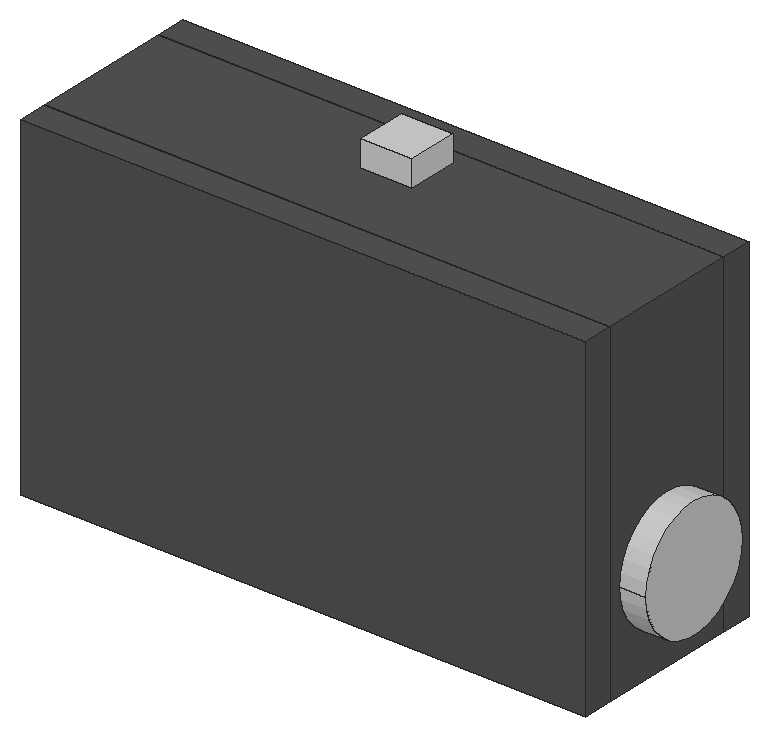
Revit family "Block 600 (10.24)", category Оборудование, Revit 2019
Family settings
  Размер круглого соединителя = Использовать диаметр
  Классификация = Нет
  Тип детали = Нормальный
  На основе рабочей плоскости = Нет
  Всегда вертикально = Да
  При загрузке вырезать с полостями = Нет
  Общий = Нет
  Точка расчета площади = Нет
Parameters (values of type "Block 600")
  СЗ Справа [instance] = no
  СЗ Слева [instance] = no
  Ф СЗ = 350 mm  # constant formula
  Материал патрубков = Материал Па
  Материал креплений = Материал Кр
  Материал корпуса = Материал ПУ
  Материал СЗ = Материал СЗ
  Материал КА = Материал КА
  Крепежи [instance] = no
  СЗ КА [instance] = no
  КА отступ 2 = 80 mm  # constant formula
  КА Ширина = 85 mm  # constant formula
  КА Отступ = 50 mm  # constant formula
  КА Высота = 43 mm  # constant formula
  КА [instance] = yes
  П Длина = 45 mm  # constant formula
  КА Длина = 85 mm  # constant formula
  К Стенка Толщина = 50.5 mm  # constant formula
  К Глубина = 339 mm  # constant formula
  П Отступ снизу = 163 mm  # constant formula
  П Диаметр = 200 mm  # constant formula
  К Высота = 560 mm  # constant formula
  ADSK_Ток = ADSK_Номинальная мощность / ADSK_Напряжение  # 1.45455 A
  ADSK_Свободный напор воздуха = 50.0 Pa  # constant formula
  ADSK_Расход воздуха приточный = 600.0 m³/h  # constant formula
  ADSK_Примечание = ""
  ADSK_Номинальная мощность = 320 W
  ADSK_Напряжение = 220 V
  ADSK_Наименование краткое [instance] = "Канальный очиститель с высокой фильтрацией воздуха"  # constant formula
  ADSK_Наименование = "Канальный очиститель с высокой фильтрацией воздуха"  # constant formula
  ADSK_Марка = "Block 600"  # constant formula
  ADSK_Количество фаз = 1
  ADSK_Количество = 1
  ADSK_Код изделия = ""
  ADSK_Завод-изготовитель = "ООО «Турков»"  # constant formula
  ADSK_Единица измерения = "шт."  # constant formula
  К Длина = 942 mm  # constant formula
Reference planes
  plane 1 "По центру (Вперед/Назад)": y = 0
  plane 2: z = 0
  plane 3 "По центру (Влево/Вправо)": x = 0
  plane 4: y = 169.5
  plane 5: x = 471
  plane 6: x = -471
  plane 7: y = -169.5
  plane 8: y = 119
  plane 9: y = -119
  plane 10: z = 560
  plane 11: y = 519.5
  plane 12: y = -519.5
  plane 13: z = 510
  plane 14: y = 89.5
Forms (mm)
  Extrusion 1, solid, material "Материал ПУ" <- "Материал корпуса"
    sketch origin (0, 0, 0) x (1, 0, 0) y (0, 1, 0)
      loop
        line (-471, 119) -> (-471, -119) -> (471, -119) -> (471, 119) -> (-471, 119)
    from 0 to 560
  Extrusion 2, solid, material "Материал ПУ" <- "Материал корпуса"
    sketch origin (0, 0, 0) x (1, 0, 0) y (0, 1, 0)
      loop
        line (-471, 169.5) -> (-471, 119) -> (471, 119) -> (471, 169.5) -> (-471, 169.5)
      loop
        line (-471, -119) -> (-471, -169.5) -> (471, -169.5) -> (471, -119) -> (-471, -119)
    from 0 to 560
  Extrusion 3, solid, material "Материал СЗ" <- "Материал СЗ", visible <- "СЗ Слева", detail levels fine
    sketch origin (-708.552, -1524, 560) x (-1, 0, 0) y (0, -1, 0)
      loop
        line (-237.552, -2043.5) -> (-237.552, -1693.5) -> (-1179.552, -1693.5) -> (-1179.552, -2043.5) -> (-237.552, -2043.5)
    from 0 to -560
  Extrusion 4, solid, material "Материал СЗ" <- "Материал СЗ", visible <- "СЗ Справа", detail levels fine
    sketch origin (0, 0, 0) x (1, 0, 0) y (0, 1, 0)
      loop
        line (-471, -169.5) -> (-471, -519.5) -> (471, -519.5) -> (471, -169.5) -> (-471, -169.5)
    from 0 to 560
Dimensions and locks
  equal spacing: plane 6, plane 3 "По центру (Влево/Вправо)", plane 5
  equal spacing: plane 4, plane 1 "По центру (Вперед/Назад)", plane 7
  "К Длина": plane 6 to plane 5
  "К Глубина": plane 4 to plane 7
  "К Стенка Толщина": plane 4 to plane 8
  "К Стенка Толщина": plane 9 to plane 7
  "К Высота": plane 10 to plane 2
  "Ф СЗ": plane 11 to plane 4
  "Ф СЗ": plane 7 to plane 12
  equal spacing: plane 5, plane 3 "По центру (Влево/Вправо)", plane 6
  "КА Отступ": plane 10 to plane 13
  "КА отступ 2": plane 4 to plane 14
  aligned and locked: level to plane 2
  aligned and locked: Extrusion 1 sketch curve to plane 8
  aligned and locked: plane 6 to Extrusion 1 sketch curve
  aligned and locked: plane 9 to Extrusion 1 sketch curve
  aligned and locked: Extrusion 1 sketch curve to plane 5
  aligned and locked: plane 10 to Extrusion 1
  aligned and locked: plane 6 to Extrusion 2 sketch curve  (x2)
  aligned and locked: plane 8 to Extrusion 2 sketch curve
  aligned and locked: Extrusion 2 sketch curve to plane 5  (x2)
  aligned and locked: Extrusion 2 sketch curve to plane 4
  aligned and locked: Extrusion 2 sketch curve to plane 9
  aligned and locked: plane 7 to Extrusion 2 sketch curve
  aligned and locked: plane 10 to Extrusion 2
  aligned and locked: Extrusion 2 to plane 2
  aligned and locked: Extrusion 3 sketch curve to plane 11
  aligned and locked: plane 6 to Extrusion 3 sketch curve
  aligned and locked: plane 4 to Extrusion 3 sketch curve
  aligned and locked: Extrusion 3 sketch curve to plane 5
  aligned and locked: Extrusion 3 to plane 10  (x3)
  aligned and locked: Extrusion 3 to plane 2
  aligned and locked: plane 2 to Extrusion 3  (x2)
  aligned and locked: Extrusion 3 to plane 4
  aligned and locked: plane 4 to Extrusion 2
  aligned and locked: plane 11 to Extrusion 3
  aligned and locked: plane 12 to Extrusion 4 sketch curve
  aligned and locked: Extrusion 4 sketch curve to plane 5
  aligned and locked: plane 6 to Extrusion 4 sketch curve
  aligned and locked: Extrusion 4 sketch curve to plane 7
  aligned and locked: plane 10 to Extrusion 4
  aligned and locked: plane 5 to nested 1
  aligned and locked: plane 1 "По центру (Вперед/Назад)" to nested 1
  aligned and locked: plane 2 to nested 1
  aligned and locked: plane 1 "По центру (Вперед/Назад)" to nested 2
  aligned and locked: plane 3 "По центру (Влево/Вправо)" to nested 2
  aligned and locked: nested 2 to plane 2
  aligned and locked: nested 3 to plane 10
  aligned and locked: plane 3 "По центру (Влево/Вправо)" to nested 3
  aligned and locked: nested 3 to plane 14
Nested families
  nested 1: "ПатКр" at (0, 0, 163), L <- "К Длина", A <- "П Длина", D <- "П Диаметр", Отст снизу <- "П Отступ снизу", type "ПатКр"
    with Отст снизу 163 mm, L 942 mm, D 200 mm, A 45 mm
  nested 2: "Крепежи" at (0, 0, 0), Высота <- "К Высота", Глубина <- "К Глубина", Длина <- "К Длина", Стенка <- "К Стенка Толщина", visible <- "Крепежи", type "Крепежи"
    with Шп слева-справа yes, Шп сверху-снизу no, Стенка 50.5 mm, Петли no, Отступ з 50 mm, Отст пет 229.784 mm, Опоры no, Опора no, З справа yes, З слева-справа no, З сверху-снизу yes, З посередине no, Длина СЗ 190 mm, Длина 942 mm, Глубина 339 mm, Высота 560 mm
  nested 3: "КА" at (0, 47, 562), Видимость СЗ КА <- "СЗ КА", Видимость КА <- "КА", Длина <- "КА Длина", Ширина <- "КА Ширина", Высота <- "КА Высота", type "КА", detail levels medium+fine
    with Ширина 85 mm, Материал СЗ Материал СЗ, Материал КА Материал КА, Длина 85 mm, Высота 43 mm, Видимость СЗ КА no, Видимость КА yes
Connectors
  hvac at (-516, 0, 163), driven by "П Диаметр"
    settings: on nested 1, index 1, duct flow 0.0 m³/h, flow factor 0, pres drop 0.0 Pa, loss coef 0, conn angle 0.00°, conn width 304.8 mm, conn height 304.8 mm, conn diameter 200 mm, duct sys type 1, conn prof type 0, flow config 0, flow direction 2, loss method 0, conn ref index 2, conn util no, is conn primary yes, conn desc ""
  hvac at (516, 0, 163), driven by "П Диаметр"
    settings: on nested 1, index 2, duct flow 0.0 m³/h, flow factor 0, pres drop 0.0 Pa, loss coef 0, conn angle 0.00°, conn width 304.8 mm, conn height 304.8 mm, conn diameter 200 mm, duct sys type 1, conn prof type 0, flow config 0, flow direction 1, loss method 0, conn ref index 1, conn util no, is conn primary no, conn desc ""
Definition of nested family "ПатКр"
  Parameters (values of type "ПатКр")
    П материал = none
    Отст снизу [instance] = 304.8 mm
    D [instance] = 125 mm
    L [instance] = 500 mm
    A [instance] = 40 mm
  Reference planes
    plane 1 "По центру (Вперед/Назад)": y = 0
    plane 2: z = 0
    plane 3 "По центру (Влево/Вправо)": x = 0
    plane 4: x = -250
    plane 5: x = 250
    plane 6: x = -290
    plane 7: x = 290
    plane 8: z = -304.8
  Forms (mm)
    Extrusion 1, solid, material <- "П материал"
      sketch origin (-250, 395.392, 1200) x (0, 1, 0) y (0, 0, 1)
        loop
          circle (-395.392, -1200) r 62.5
      from -40 to 0
    Extrusion 2, solid, material <- "П материал"
      sketch origin (250, 395.392, 1200) x (0, 1, 0) y (0, 0, 1)
        loop
          circle (-395.392, -1200) r 62.5
      from 0 to 40
  Dimensions and locks
    equal spacing: plane 4, plane 3 "По центру (Влево/Вправо)", plane 5
    "L": plane 4 to plane 5
    "A": plane 6 to plane 4
    equal spacing: plane 6, plane 3 "По центру (Влево/Вправо)", plane 7
    "Отст снизу": plane 2 to plane 8
    "D": diameter of Extrusion 1 sketch curve
    "D": diameter of Extrusion 2 sketch curve
    aligned and locked: level to plane 2
    aligned and locked: plane 1 "По центру (Вперед/Назад)" to Extrusion 1 sketch curve
    aligned and locked: level to Extrusion 1 sketch curve
    aligned and locked: Extrusion 1 to plane 6
    aligned and locked: plane 4 to Extrusion 1
    aligned and locked: plane 1 "По центру (Вперед/Назад)" to Extrusion 2 sketch curve
    aligned and locked: plane 2 to Extrusion 2 sketch curve
    aligned and locked: Extrusion 2 to plane 5
    aligned and locked: plane 7 to Extrusion 2
Definition of nested family "Крепежи"
  Parameters (values of type "Крепежи")
    Шп сверху-снизу [instance] = no
    Шп слева-справа [instance] = yes
    Стенка [instance] = 30 mm
    Петли [instance] = no
    Отст пет [instance] = 229.784 mm
    Опоры [instance] = no
    Опора [instance] = no
    Материал = none
    З справа [instance] = if(and([З сверху-снизу], not(З посередине)), 1 = 1, 1 = 0)  # yes
    З слева-справа [instance] = no
    З сверху-снизу [instance] = yes
    З посередине [instance] = no
    Длина СЗ [instance] = 190 mm
    Длина [instance] = 536.692 mm
    Глубина [instance] = 480 mm
    Высота [instance] = 619.568 mm
    Отступ з [instance] = 30 mm
  Reference planes
    plane 1 "По центру (Вперед/Назад)": y = 0
    plane 2: z = 0
    plane 3 "По центру (Влево/Вправо)": x = 0
    plane 4: y = 240
    plane 5: y = -240
    plane 6: x = 268.346
    plane 7: x = -268.346
    plane 8: y = 225
    plane 9: y = -225
    plane 10: x = 238.346
    plane 11: x = -238.346
    plane 12: z = 619.568
    plane 13: z = 589.568
    plane 14: z = 30
    plane 15: z = 309.784
    plane 16: z = 389.784
    plane 17: z = 229.784
    plane 18: x = -78.346
    plane 19: x = -108.346
  Dimensions and locks
    equal spacing: plane 7, plane 3 "По центру (Влево/Вправо)", plane 6
    equal spacing: plane 4, plane 1 "По центру (Вперед/Назад)", plane 5
    locked: plane 4 to plane 8 at 15
    "Отступ з": plane 7 to plane 11
    equal spacing: plane 8, plane 1 "По центру (Вперед/Назад)", plane 9
    "Длина": plane 7 to plane 6
    "Глубина": plane 4 to plane 5
    equal spacing: plane 11, plane 3 "По центру (Влево/Вправо)", plane 10
    equal spacing: plane 12, plane 15, plane 2
    "Высота": plane 12 to plane 2
    equal spacing: plane 13, plane 15, plane 14
    "Отступ з": plane 12 to plane 13
    "Стенка": nested 29 to plane 5
    "Стенка": plane 4 to nested 30
    equal spacing: plane 16, plane 15, plane 17
    "Отст пет": plane 12 to plane 16
    "Отступ з": plane 19 to plane 18
    "Длина СЗ": plane 7 to plane 18
    aligned and locked: level to plane 2
    aligned and locked: plane 8 to nested 1  (x3)
    aligned and locked: plane 11 to nested 1
    aligned and locked: plane 8 to nested 2  (x3)
    aligned and locked: plane 10 to nested 2
    aligned and locked: plane 9 to nested 3  (x2)
    aligned and locked: plane 9 to nested 4  (x2)
    aligned and locked: nested 3 to plane 11
    aligned and locked: nested 4 to plane 10
    aligned and locked: nested 3 to plane 2
    aligned and locked: plane 2 to nested 1
    aligned and locked: nested 4 to plane 2
    aligned and locked: plane 2 to nested 2
    aligned and locked: nested 7 to plane 12
    aligned and locked: plane 12 to nested 5  (x2)
    aligned and locked: plane 12 to nested 7
    aligned and locked: nested 8 to plane 12
    aligned and locked: plane 12 to nested 6
    aligned and locked: plane 12 to nested 8
    aligned and locked: plane 14 to nested 9
    aligned and locked: plane 8 to nested 10  (x3)
    aligned and locked: plane 8 to nested 9  (x3)
    aligned and locked: plane 13 to nested 10
    aligned and locked: plane 9 to nested 12  (x2)
    aligned and locked: plane 9 to nested 11  (x2)
    aligned and locked: nested 11 to plane 14
    aligned and locked: nested 12 to plane 13
    aligned and locked: nested 12 to plane 7  (x2)
    aligned and locked: plane 7 to nested 10
    aligned and locked: nested 11 to plane 7  (x2)
    aligned and locked: plane 7 to nested 9
    aligned and locked: nested 16 to plane 6
    aligned and locked: plane 6 to nested 14
    aligned and locked: plane 6 to nested 16
    aligned and locked: nested 15 to plane 6
    aligned and locked: plane 6 to nested 13  (x2)
    aligned and locked: plane 6 to nested 15
    aligned and locked: nested 5 to plane 11
    aligned and locked: plane 11 to nested 7
    aligned and locked: nested 6 to plane 10
    aligned and locked: plane 10 to nested 8
    aligned and locked: nested 16 to plane 9  (x3)
    aligned and locked: nested 15 to plane 9  (x3)
    aligned and locked: nested 8 to plane 9  (x3)
    aligned and locked: nested 4 to plane 9
    aligned and locked: nested 7 to plane 9  (x3)
    aligned and locked: nested 3 to plane 9
    aligned and locked: nested 12 to plane 9
    aligned and locked: nested 14 to plane 8  (x2)
    aligned and locked: nested 13 to plane 8  (x2)
    aligned and locked: plane 8 to nested 14
    aligned and locked: nested 6 to plane 8  (x2)
    aligned and locked: plane 8 to nested 6
    aligned and locked: nested 5 to plane 8  (x2)
    aligned and locked: plane 8 to nested 5
    aligned and locked: plane 8 to nested 13
    aligned and locked: nested 11 to plane 9
    aligned and locked: nested 14 to plane 13
    aligned and locked: plane 13 to nested 16
    aligned and locked: plane 14 to nested 15
    aligned and locked: nested 13 to plane 14
    aligned and locked: plane 1 "По центру (Вперед/Назад)" to nested 17
    aligned and locked: plane 6 to nested 17  (x3)
    aligned and locked: plane 1 "По центру (Вперед/Назад)" to nested 18
    aligned and locked: nested 18 to plane 12  (x3)
    aligned and locked: nested 17 to plane 12  (x3)
    aligned and locked: plane 7 to nested 18
    aligned and locked: nested 20 to plane 7  (x2)
    aligned and locked: nested 19 to plane 6  (x2)
    aligned and locked: nested 20 to plane 2  (x3)
    aligned and locked: nested 19 to plane 2  (x3)
    aligned and locked: plane 12 to nested 21
    aligned and locked: nested 23 to plane 12
    aligned and locked: plane 12 to nested 17
    aligned and locked: plane 12 to nested 18
    aligned and locked: plane 2 to nested 22
    aligned and locked: nested 22 to plane 2  (x2)
    aligned and locked: plane 2 to nested 20
    aligned and locked: plane 2 to nested 19
    aligned and locked: nested 24 to plane 2  (x2)
    aligned and locked: plane 2 to nested 24
    aligned and locked: plane 6 to nested 19
    aligned and locked: plane 6 to nested 24  (x3)
    aligned and locked: nested 24 to plane 6
    aligned and locked: plane 6 to nested 23  (x3)
    aligned and locked: nested 23 to plane 6
    aligned and locked: nested 18 to plane 7  (x2)
    aligned and locked: plane 7 to nested 21  (x3)
    aligned and locked: nested 21 to plane 7
    aligned and locked: plane 7 to nested 22  (x3)
    aligned and locked: nested 22 to plane 7
    aligned and locked: plane 7 to nested 20
    aligned and locked: nested 20 to plane 1 "По центру (Вперед/Назад)"
    aligned and locked: plane 1 "По центру (Вперед/Назад)" to nested 21
    aligned and locked: plane 1 "По центру (Вперед/Назад)" to nested 22
    aligned and locked: nested 19 to plane 1 "По центру (Вперед/Назад)"
    aligned and locked: nested 23 to plane 1 "По центру (Вперед/Назад)"
    aligned and locked: nested 24 to plane 1 "По центру (Вперед/Назад)"
    aligned and locked: nested 25 to plane 7
    aligned and locked: plane 6 to nested 26
    aligned and locked: nested 25 to plane 12
    aligned and locked: nested 26 to plane 12
    aligned and locked: nested 27 to plane 2
    aligned and locked: nested 28 to plane 2
    aligned and locked: nested 28 to plane 6
    aligned and locked: plane 7 to nested 27
    aligned and locked: plane 1 "По центру (Вперед/Назад)" to nested 25
    aligned and locked: nested 27 to plane 1 "По центру (Вперед/Назад)"
    aligned and locked: plane 1 "По центру (Вперед/Назад)" to nested 26
    aligned and locked: nested 28 to plane 1 "По центру (Вперед/Назад)"
    aligned and locked: nested 29 to plane 2  (x2)
    aligned and locked: nested 30 to plane 2  (x2)
    aligned and locked: plane 2 to nested 29  (x2)
    aligned and locked: plane 2 to nested 30  (x2)
    aligned and locked: nested 29 to plane 3 "По центру (Влево/Вправо)"
    aligned and locked: nested 30 to plane 3 "По центру (Влево/Вправо)"
    aligned and locked: plane 7 to nested 31
    aligned and locked: plane 7 to nested 32
    aligned and locked: plane 7 to nested 33
    aligned and locked: plane 7 to nested 34
    aligned and locked: plane 6 to nested 35
    aligned and locked: plane 6 to nested 36
    aligned and locked: plane 6 to nested 37
    aligned and locked: plane 6 to nested 38
    aligned and locked: plane 17 to nested 33
    aligned and locked: plane 17 to nested 34
    aligned and locked: nested 37 to plane 17
    aligned and locked: nested 38 to plane 17
    aligned and locked: plane 16 to nested 35
    aligned and locked: plane 16 to nested 36
    aligned and locked: nested 31 to plane 16
    aligned and locked: nested 32 to plane 16
    aligned and locked: nested 31 to plane 5
    aligned and locked: plane 5 to nested 35
    aligned and locked: nested 33 to plane 5
    aligned and locked: plane 5 to nested 37
    aligned and locked: plane 4 to nested 32
    aligned and locked: nested 36 to plane 4
    aligned and locked: plane 4 to nested 34
    aligned and locked: nested 38 to plane 4
    aligned and locked: nested 39 to plane 8  (x2)
    aligned and locked: plane 8 to nested 39
    aligned and locked: nested 40 to plane 9  (x3)
    aligned and locked: nested 39 to plane 19
    aligned and locked: plane 19 to nested 40
    aligned and locked: plane 8 to nested 41  (x3)
    aligned and locked: plane 9 to nested 42  (x2)
    aligned and locked: nested 42 to plane 9
    aligned and locked: nested 42 to plane 19
    aligned and locked: plane 19 to nested 41
    aligned and locked: nested 42 to plane 2  (x2)
    aligned and locked: plane 2 to nested 41
    aligned and locked: nested 40 to plane 12
    aligned and locked: plane 12 to nested 39
    aligned and locked: plane 12 to nested 40
  Nested families
    nested 1: "Защелки" at (-238.346, 125, -18.5), visible <- "З сверху-снизу", type "Защелки"
      with L 100 mm
    nested 2: "Защелки" at (238.346, 125, -18.5), visible <- "З справа", type "Защелки"
      with L 100 mm
    nested 3: "Защелки" at (-238.346, -125, -18.5), visible <- "З сверху-снизу", type "Защелки"
      with L 100 mm
    nested 4: "Защелки" at (238.346, -125, -18.5), visible <- "З справа", type "Защелки"
      with L 100 mm
    nested 5: "Защелки" at (-238.346, 125, 638.068) x (1, 0, 0) z (0, 0, -1), visible <- "З сверху-снизу", type "Защелки"
      with L 100 mm
    nested 6: "Защелки" at (238.346, 125, 638.068) x (1, 0, 0) z (0, 0, -1), visible <- "З справа", type "Защелки"
      with L 100 mm
    nested 7: "Защелки" at (-238.346, -125, 638.068) x (1, 0, 0) z (0, 0, -1), visible <- "З сверху-снизу", type "Защелки"
      with L 100 mm
    nested 8: "Защелки" at (238.346, -125, 638.068) x (1, 0, 0) z (0, 0, -1), visible <- "З справа", type "Защелки"
      with L 100 mm
    nested 9: "Защелки" at (-268.346, 125, 30) x (0, 0, 1) z (-1, 0, 0), visible <- "З слева-справа", type "Защелки"
      with L 100 mm
    nested 10: "Защелки" at (-268.346, 125, 589.568) x (0, 0, 1) z (-1, 0, 0), visible <- "З слева-справа", type "Защелки"
      with L 100 mm
    nested 11: "Защелки" at (-268.346, -125, 30) x (0, 0, 1) z (-1, 0, 0), visible <- "З слева-справа", type "Защелки"
      with L 100 mm
    nested 12: "Защелки" at (-268.346, -125, 589.568) x (0, 0, 1) z (-1, 0, 0), visible <- "З слева-справа", type "Защелки"
      with L 100 mm
    nested 13: "Защелки" at (268.346, 125, 30) x (0, 0, 1) z (1, 0, 0), visible <- "З слева-справа", type "Защелки"
      with L 100 mm
    nested 14: "Защелки" at (268.346, 125, 589.568) x (0, 0, 1) z (1, 0, 0), visible <- "З слева-справа", type "Защелки"
      with L 100 mm
    nested 15: "Защелки" at (268.346, -125, 30) x (0, 0, 1) z (1, 0, 0), visible <- "З слева-справа", type "Защелки"
      with L 100 mm
    nested 16: "Защелки" at (268.346, -125, 589.568) x (0, 0, 1) z (1, 0, 0), visible <- "З слева-справа", type "Защелки"
      with L 100 mm
    nested 17: "Крепеж" at (248.346, 0, 619.568), visible <- "Шп сверху-снизу", type "Крепеж"
      with A 40 mm
    nested 18: "Крепеж" at (-248.346, 0, 619.568), visible <- "Шп сверху-снизу", type "Крепеж"
      with A 40 mm
    nested 19: "Крепеж" at (248.346, 0, 0) x (1, 0, 0) z (0, 0, -1), visible <- "Шп сверху-снизу", type "Крепеж"
      with A 40 mm
    nested 20: "Крепеж" at (-248.346, 0, 0) x (1, 0, 0) z (0, 0, -1), visible <- "Шп сверху-снизу", type "Крепеж"
      with A 40 mm
    nested 21: "Крепеж" at (-268.346, 0, 599.568) x (0, 0, 1) z (-1, 0, 0), visible <- "Шп слева-справа", type "Крепеж"
      with A 40 mm
    nested 22: "Крепеж" at (-268.346, 0, 20) x (0, 0, 1) z (-1, 0, 0), visible <- "Шп слева-справа", type "Крепеж"
      with A 40 mm
    nested 23: "Крепеж" at (268.346, 0, 599.568) x (0, 0, 1) z (1, 0, 0), visible <- "Шп слева-справа", type "Крепеж"
      with A 40 mm
    nested 24: "Крепеж" at (268.346, 0, 20) x (0, 0, 1) z (1, 0, 0), visible <- "Шп слева-справа", type "Крепеж"
      with A 40 mm
    nested 25: "Опора" at (-205.846, 0, 619.568), L <- "Глубина", Ot <- "Стенка", visible <- "Опоры", type "Опора"
      with Ot 30 mm, L 480 mm, A 40 mm
    nested 26: "Опора" at (205.846, 0, 619.568), L <- "Глубина", Ot <- "Стенка", visible <- "Опоры", type "Опора"
      with Ot 30 mm, L 480 mm, A 40 mm
    nested 27: "Опора" at (-205.846, 0, 0) x (1, 0, 0) z (0, 0, -1), L <- "Глубина", Ot <- "Стенка", visible <- "Опоры", type "Опора"
      with Ot 30 mm, L 480 mm, A 40 mm
    nested 28: "Опора" at (205.846, 0, 0) x (1, 0, 0) z (0, 0, -1), L <- "Глубина", Ot <- "Стенка", visible <- "Опоры", type "Опора"
      with Ot 30 mm, L 480 mm, A 40 mm
    nested 29: "Опора" at (0, -147.5, 0) x (0, 1, 0) z (0, 0, -1), L <- "Длина", visible <- "Опора", type "Опора"
      with Ot 10 mm, L 536.692 mm, A 40 mm
    nested 30: "Опора" at (0, 147.5, 0) x (0, 1, 0) z (0, 0, -1), L <- "Длина", visible <- "Опора", type "Опора"
      with Ot 10 mm, L 536.692 mm, A 40 mm
    nested 31: "Петля" at (-268.346, -195, 389.784) x (0, 1, 0) z (-1, 0, 0), visible <- "Петли", type "Петля"
    nested 32: "Петля" at (-268.346, 195, 389.784) x (0, 1, 0) z (-1, 0, 0), visible <- "Петли", type "Петля"
    nested 33: "Петля" at (-268.346, -195, 229.784) x (0, 1, 0) z (-1, 0, 0), visible <- "Петли", type "Петля"
    nested 34: "Петля" at (-268.346, 195, 229.784) x (0, 1, 0) z (-1, 0, 0), visible <- "Петли", type "Петля"
    nested 35: "Петля" at (268.346, -195, 389.784) x (0, 1, 0) z (1, 0, 0), visible <- "Петли", type "Петля"
    nested 36: "Петля" at (268.346, 195, 389.784) x (0, 1, 0) z (1, 0, 0), visible <- "Петли", type "Петля"
    nested 37: "Петля" at (268.346, -195, 229.784) x (0, 1, 0) z (1, 0, 0), visible <- "Петли", type "Петля"
    nested 38: "Петля" at (268.346, 195, 229.784) x (0, 1, 0) z (1, 0, 0), visible <- "Петли", type "Петля"
    nested 39: "Защелки" at (-108.346, 125, 638.068) x (1, 0, 0) z (0, 0, -1), visible <- "З посередине", type "Защелки"
      with L 100 mm
    nested 40: "Защелки" at (-108.346, -125, 638.068) x (1, 0, 0) z (0, 0, -1), visible <- "З посередине", type "Защелки"
      with L 100 mm
    nested 41: "Защелки" at (-108.346, 125, -18.5), visible <- "З посередине", type "Защелки"
      with L 100 mm
    nested 42: "Защелки" at (-108.346, -125, -18.5), visible <- "З посередине", type "Защелки"
      with L 100 mm
  Definition of nested family "Защелки"
    Parameters (values of type "Защелки")
      Материал п = none
      c = 30 mm  # constant formula
      b = 30 mm  # constant formula
      a = 15 mm  # constant formula
      L [instance] = 100 mm  # constant formula
    Reference planes
      plane 1 "По центру (Вперед/Назад)": y = 0
      plane 2: z = 0
      plane 3 "По центру (Влево/Вправо)": x = 0
      plane 4: y = 100
      plane 5: x = 7.5
      plane 6: x = -7.5
      plane 7: y = 70
    Forms (mm)
      Extrusion 1, solid, material <- "Материал п"
        sketch origin (120.578, -42.722, 0) x (1, 0, 0) y (0, 1, 0)
          loop
            line (-128.078, 112.722) -> (-128.078, 42.722) -> (-113.078, 42.722) -> (-113.078, 112.722) -> (-105.578, 142.722) -> (-135.578, 142.722) -> (-128.078, 112.722)
        from 0 to 18.5
    Dimensions and locks
      "L": plane 4 to plane 1 "По центру (Вперед/Назад)"
      equal spacing: plane 6, plane 3 "По центру (Влево/Вправо)", plane 5
      "a": plane 6 to plane 5
      "b": plane 4 to plane 7
      equal spacing: Extrusion 1 sketch curve, plane 3 "По центру (Влево/Вправо)", Extrusion 1 sketch curve
      "c": Extrusion 1 sketch curve to Extrusion 1 sketch curve
      aligned and locked: level to plane 2
      aligned and locked: Extrusion 1 sketch curve to plane 6
      aligned and locked: plane 5 to Extrusion 1 sketch curve
      aligned and locked: plane 1 "По центру (Вперед/Назад)" to Extrusion 1 sketch curve
      aligned and locked: plane 7 to Extrusion 1 sketch curve  (x2)
      aligned and locked: Extrusion 1 sketch curve to plane 4
  Definition of nested family "Крепеж"
    Parameters (values of type "Крепеж")
      П материал = none
      d = 80 mm  # constant formula
      c = 10 mm  # constant formula
      b = 49 mm  # constant formula
      A [instance] = 40 mm  # constant formula
    Reference planes
      plane 1 "По центру (Вперед/Назад)": y = 0
      plane 2: z = 0
      plane 3 "По центру (Влево/Вправо)": x = 0
      plane 4: x = -20
      plane 5: x = 20
      plane 6: z = 49
    Forms (mm)
      Extrusion 1, solid, material <- "П материал"
        sketch origin (0, 0, 0) x (1, 0, 0) y (0, 0, 1)
          loop
            line (-20, 49) -> (-20, 0) -> (20, 0) -> (20, 49) -> (5, 49) -> (5, 27)
            arc (5, 27) -> (0, 22) -> (-5, 27) r 5
            line (-5, 27) -> (-5, 49) -> (-20, 49)
        from -1 to 1
      Extrusion 2, solid, material <- "П материал"
        sketch origin (0, 0, 0) x (1, 0, 0) y (0, 1, 0)
          loop
            line (-20, 40) -> (-20, -40) -> (20, -40) -> (20, 40) -> (-20, 40)
        from 0 to 2
    Dimensions and locks
      equal spacing: plane 5, plane 3 "По центру (Влево/Вправо)", plane 4
      "A": plane 5 to plane 4
      "b": plane 6 to plane 2
      equal spacing: Extrusion 1 sketch curve, plane 3 "По центру (Влево/Вправо)", Extrusion 1 sketch curve
      "c": Extrusion 1 sketch curve to Extrusion 1 sketch curve
      plane 6 to Extrusion 1 sketch curve = 22 mm
      equal spacing: Extrusion 2 sketch curve, plane 1 "По центру (Вперед/Назад)", Extrusion 2 sketch curve
      "d": Extrusion 2 sketch curve to Extrusion 2 sketch curve
      aligned and locked: level to plane 2
      aligned and locked: plane 4 to Extrusion 1 sketch curve
      aligned and locked: Extrusion 1 sketch curve to plane 5
      aligned and locked: Extrusion 1 sketch curve to plane 6
      aligned and locked: plane 2 to Extrusion 1 sketch curve
      aligned and locked: plane 4 to Extrusion 2 sketch curve
      aligned and locked: Extrusion 2 sketch curve to plane 5
    Automatic sketch dimensions
      Extrusion 1 sketch curve to plane 6 = 0 mm
  Definition of nested family "Опора"
    Parameters (values of type "Опора")
      с = 20 mm
      к = 1.5 mm
      в = 30 mm
      а = 82 mm
      П материал = none
      d = 80 mm  # constant formula
      c = 10 mm  # constant formula
      b = 49 mm  # constant formula
      Ot [instance] = 30 mm
      L [instance] = 277.284 mm
      A [instance] = 40 mm  # constant formula
    Reference planes
      plane 1 "По центру (Вперед/Назад)": y = 0
      plane 2: z = 0
      plane 3 "По центру (Влево/Вправо)": x = 0
      plane 4: z = 49
      plane 5: y = 138.642
      plane 6: y = -138.642
      plane 7: y = 108.642
      plane 8: y = -108.642
    Forms (mm)
      Extrusion 1, solid, material <- "П материал"
        sketch origin (0, 0, 0) x (1, 0, 0) y (0, 0, 1)
          loop
            arc (-41.548, 31.5) -> (-42.221, 31.221) -> (-42.5, 30.548) r 0.952
            line (-42.5, 30.548) -> (-42.5, 2.55)
            arc (-42.5, 2.55) -> (-42.807, 1.807) -> (-43.55, 1.5) r 1.05
            line (-43.55, 1.5) -> (-62.5, 1.5) -> (-62.5, 0) -> (-42.044, 0)
            arc (-42.044, 0) -> (-41.306, 0.306) -> (-41, 1.044) r 1.044
            line (-41, 1.044) -> (-41, 28.952)
            arc (-41, 28.952) -> (-40.693, 29.693) -> (-39.952, 30) r 1.048
            line (-39.952, 30) -> (39.989, 30)
            arc (39.989, 30) -> (40.704, 29.704) -> (41, 28.989) r 1.011
            line (41, 28.989) -> (41, 1.013)
            arc (41, 1.013) -> (41.297, 0.297) -> (42.013, 0) r 1.013
            line (42.013, 0) -> (62.5, 0) -> (62.5, 1.5) -> (43.502, 1.5)
            arc (43.502, 1.5) -> (42.793, 1.793) -> (42.5, 2.502) r 1.002
            line (42.5, 2.502) -> (42.5, 30.489)
            arc (42.5, 30.489) -> (42.204, 31.204) -> (41.489, 31.5) r 1.011
            line (41.489, 31.5) -> (-41.548, 31.5)
        from -108.642 to 108.642
    Dimensions and locks
      equal spacing: Extrusion 1 sketch curve, plane 3 "По центру (Влево/Вправо)", Extrusion 1 sketch curve  (x2)
      "а": Extrusion 1 sketch curve to Extrusion 1 sketch curve
      "к": Extrusion 1 sketch curve to Extrusion 1 sketch curve  (x4)
      "с": Extrusion 1 sketch curve to Extrusion 1 sketch curve
      "в": Extrusion 1 sketch curve to plane 2
      equal spacing: plane 5, plane 1 "По центру (Вперед/Назад)", plane 6
      "L": plane 5 to plane 6
      "Ot": plane 5 to plane 7
      equal spacing: plane 7, plane 1 "По центру (Вперед/Назад)", plane 8
      aligned and locked: level to plane 2
      aligned and locked: Extrusion 1 sketch curve to Extrusion 1 sketch curve
      aligned and locked: plane 7 to Extrusion 1
      aligned and locked: Extrusion 1 to plane 8
    Automatic sketch dimensions
      Extrusion 1 sketch curve to level = 0 mm  (x2)
      Extrusion 1 sketch curve to Extrusion 1 sketch curve = 1.05 mm
      Extrusion 1 sketch curve to Extrusion 1 sketch curve = 1.044 mm
      Extrusion 1 sketch curve to Extrusion 1 sketch curve = 0.952 mm
      Extrusion 1 sketch curve to Extrusion 1 sketch curve = 1.048 mm
      Extrusion 1 sketch curve to Extrusion 1 sketch curve = 1.011 mm  (x2)
      Extrusion 1 sketch curve to Extrusion 1 sketch curve = 1.013 mm
      Extrusion 1 sketch curve to Extrusion 1 sketch curve = 1.002 mm
  Definition of nested family "Петля"
    Parameters (values of type "Петля")
      П материал = none
      c = 80 mm
      b = 40 mm
      a = 10 mm
    Reference planes
      plane 1 "По центру (Вперед/Назад)": y = 0
      plane 2: z = 0
      plane 3 "По центру (Влево/Вправо)": x = 0
    Forms (mm)
      Extrusion 1, solid, material <- "П материал"
        sketch origin (0, 0, 0) x (1, 0, 0) y (0, 1, 0)
          loop
            line (-45, 40) -> (-45, -40) -> (-5, -40) -> (-5, 40) -> (-45, 40)
          loop
            line (45, 40) -> (5, 40) -> (5, -40) -> (45, -40) -> (45, 40)
        from 0 to 2
      Extrusion 2, solid, material <- "П материал"
        sketch origin (0, 0, 0) x (1, 0, 0) y (0, 0, 1)
          loop
            line (0, 50) -> (-6.587, 50)
            arc (-6.587, 50) -> (-8.7, 49.532) -> (-10.417, 48.214) r 5
            line (-10.417, 48.214) -> (-42.56, 9.908)
            arc (-42.56, 9.908) -> (-44.371, 6.771) -> (-45, 3.204) r 10.43
            line (-45, 3.204) -> (-45, 2) -> (-5, 2) -> (-5, 5.194)
            arc (-5, 5.194) -> (-4.844, 6.973) -> (-4.382, 8.697) r 10.241
            line (-4.382, 8.697) -> (7.309, 40.82)
            arc (7.309, 40.82) -> (5.867, 47.172) -> (0, 50) r 7.5
        from 39 to 40
      Extrusion 3, solid, material <- "П материал"
        sketch origin (0, 55, 0) x (1, 0, 0) y (0, 0, 1)
          loop
            line (0, 50) -> (-6.587, 50)
            arc (-6.587, 50) -> (-8.7, 49.532) -> (-10.417, 48.214) r 5
            line (-10.417, 48.214) -> (-42.56, 9.908)
            arc (-42.56, 9.908) -> (-44.371, 6.771) -> (-45, 3.204) r 10.43
            line (-45, 3.204) -> (-45, 2) -> (-5, 2) -> (-5, 5.194)
            arc (-5, 5.194) -> (-4.844, 6.973) -> (-4.382, 8.697) r 10.241
            line (-4.382, 8.697) -> (7.309, 40.82)
            arc (7.309, 40.82) -> (5.867, 47.172) -> (0, 50) r 7.5
        from 15 to 16
      Extrusion 4, solid, material <- "П материал"
        sketch origin (0, 0, 0) x (-1, 0, 0) y (0, 0, -1)
          loop
            arc (0, -50) -> (5.867, -47.172) -> (7.309, -40.82) r 7.5
            line (7.309, -40.82) -> (-4.382, -8.697)
            arc (-4.382, -8.697) -> (-4.844, -6.973) -> (-5, -5.194) r 10.241
            line (-5, -5.194) -> (-5, -2) -> (-45, -2) -> (-45, -3.204)
            arc (-45, -3.204) -> (-44.371, -6.771) -> (-42.56, -9.908) r 10.43
            line (-42.56, -9.908) -> (-10.417, -48.214)
            arc (-10.417, -48.214) -> (-8.7, -49.532) -> (-6.587, -50) r 5
            line (-6.587, -50) -> (0, -50)
        from 38 to 39
      Extrusion 5, solid, material <- "П материал"
        sketch origin (0, 55, 0) x (-1, 0, 0) y (0, 0, -1)
          loop
            arc (0, -50) -> (5.867, -47.172) -> (7.309, -40.82) r 7.5
            line (7.309, -40.82) -> (-4.382, -8.697)
            arc (-4.382, -8.697) -> (-4.844, -6.973) -> (-5, -5.194) r 10.241
            line (-5, -5.194) -> (-5, -2) -> (-45, -2) -> (-45, -3.204)
            arc (-45, -3.204) -> (-44.371, -6.771) -> (-42.56, -9.908) r 10.43
            line (-42.56, -9.908) -> (-10.417, -48.214)
            arc (-10.417, -48.214) -> (-8.7, -49.532) -> (-6.587, -50) r 5
            line (-6.587, -50) -> (0, -50)
        from 16 to 17
    Dimensions and locks
      equal spacing: Extrusion 1 sketch curve, plane 3 "По центру (Влево/Вправо)", Extrusion 1 sketch curve  (x2)
      equal spacing: Extrusion 1 sketch curve, plane 1 "По центру (Вперед/Назад)", Extrusion 1 sketch curve
      "a": Extrusion 1 sketch curve to Extrusion 1 sketch curve
      "b": Extrusion 1 sketch curve to Extrusion 1 sketch curve
      "c": Extrusion 1 sketch curve to Extrusion 1 sketch curve
      locked: Extrusion 2 to Extrusion 2 at 1
      locked: Extrusion 3 to Extrusion 3 at 1
      locked: Extrusion 4 to Extrusion 4 at 1
      locked: Extrusion 5 to Extrusion 5 at 1
      aligned and locked: level to plane 2
      aligned and locked: Extrusion 1 sketch curve to Extrusion 1 sketch curve  (x2)
      aligned and locked: Extrusion 2 to Extrusion 1
      aligned and locked: Extrusion 3 to Extrusion 1
      aligned and locked: Extrusion 5 to Extrusion 3
      aligned and locked: Extrusion 4 to Extrusion 2
    Automatic sketch dimensions
      Extrusion 2 sketch curve to plane 3 "По центру (Влево/Вправо)" = 0 mm
      Extrusion 2 sketch curve to plane 3 "По центру (Влево/Вправо)" = 4.382 mm
      Extrusion 2 sketch curve to Extrusion 2 sketch curve = 0.618 mm
      Extrusion 2 sketch curve to plane 3 "По центру (Влево/Вправо)" = 6.587 mm
      Extrusion 2 sketch curve to Extrusion 2 sketch curve = 3.83 mm
      level to Extrusion 2 sketch curve = 3.204 mm
      Extrusion 2 sketch curve to Extrusion 2 sketch curve = 29.57 mm
      level to Extrusion 2 sketch curve = 9.908 mm
      Extrusion 2 sketch curve to Extrusion 2 sketch curve = 7.99 mm
      plane 3 "По центру (Влево/Вправо)" to Extrusion 2 sketch curve = 5.241 mm
      plane 3 "По центру (Влево/Вправо)" to Extrusion 2 sketch curve = 7.309 mm
      Extrusion 2 sketch curve to Extrusion 2 sketch curve = 1.204 mm
      Extrusion 2 sketch curve to Extrusion 2 sketch curve = 3.194 mm
      Extrusion 2 sketch curve to Extrusion 2 sketch curve = 32.123 mm
      Extrusion 2 sketch curve to Extrusion 2 sketch curve = 1.68 mm
      Extrusion 2 sketch curve to Extrusion 2 sketch curve = 5 mm
      Extrusion 3 sketch curve to plane 3 "По центру (Влево/Вправо)" = 0 mm
      Extrusion 3 sketch curve to plane 3 "По центру (Влево/Вправо)" = 4.382 mm
      Extrusion 3 sketch curve to Extrusion 3 sketch curve = 0.618 mm
      Extrusion 3 sketch curve to plane 3 "По центру (Влево/Вправо)" = 6.587 mm
      Extrusion 3 sketch curve to Extrusion 3 sketch curve = 3.83 mm
      level to Extrusion 3 sketch curve = 3.204 mm
      Extrusion 3 sketch curve to Extrusion 3 sketch curve = 29.57 mm
      level to Extrusion 3 sketch curve = 9.908 mm
      Extrusion 3 sketch curve to Extrusion 3 sketch curve = 7.99 mm
      plane 3 "По центру (Влево/Вправо)" to Extrusion 3 sketch curve = 5.241 mm
      plane 3 "По центру (Влево/Вправо)" to Extrusion 3 sketch curve = 7.309 mm
      Extrusion 3 sketch curve to Extrusion 3 sketch curve = 1.204 mm
      Extrusion 3 sketch curve to Extrusion 3 sketch curve = 3.194 mm
      Extrusion 3 sketch curve to Extrusion 3 sketch curve = 32.123 mm
      Extrusion 3 sketch curve to Extrusion 3 sketch curve = 1.68 mm
      Extrusion 3 sketch curve to Extrusion 3 sketch curve = 5 mm
      Extrusion 4 sketch curve to plane 3 "По центру (Влево/Вправо)" = 0 mm
      Extrusion 4 sketch curve to plane 3 "По центру (Влево/Вправо)" = 4.382 mm
      Extrusion 4 sketch curve to Extrusion 4 sketch curve = 0.618 mm
      Extrusion 4 sketch curve to plane 3 "По центру (Влево/Вправо)" = 6.587 mm
      Extrusion 4 sketch curve to Extrusion 4 sketch curve = 3.83 mm
      Extrusion 4 sketch curve to level = 3.204 mm
      Extrusion 4 sketch curve to Extrusion 4 sketch curve = 29.57 mm
      Extrusion 4 sketch curve to level = 9.908 mm
      Extrusion 4 sketch curve to Extrusion 4 sketch curve = 7.99 mm
      plane 3 "По центру (Влево/Вправо)" to Extrusion 4 sketch curve = 5.241 mm
      plane 3 "По центру (Влево/Вправо)" to Extrusion 4 sketch curve = 7.309 mm
      Extrusion 4 sketch curve to Extrusion 4 sketch curve = 1.204 mm
      Extrusion 4 sketch curve to Extrusion 4 sketch curve = 3.194 mm
      Extrusion 4 sketch curve to Extrusion 4 sketch curve = 32.123 mm
      Extrusion 4 sketch curve to Extrusion 4 sketch curve = 1.68 mm
      Extrusion 4 sketch curve to Extrusion 4 sketch curve = 5 mm
      Extrusion 5 sketch curve to plane 3 "По центру (Влево/Вправо)" = 0 mm
      plane 3 "По центру (Влево/Вправо)" to Extrusion 5 sketch curve = 4.382 mm
      Extrusion 5 sketch curve to Extrusion 5 sketch curve = 0.618 mm
      plane 3 "По центру (Влево/Вправо)" to Extrusion 5 sketch curve = 6.587 mm
      Extrusion 5 sketch curve to Extrusion 5 sketch curve = 3.83 mm
      level to Extrusion 5 sketch curve = 3.204 mm
      Extrusion 5 sketch curve to Extrusion 5 sketch curve = 29.57 mm
      level to Extrusion 5 sketch curve = 9.908 mm
      Extrusion 5 sketch curve to Extrusion 5 sketch curve = 7.99 mm
      Extrusion 5 sketch curve to plane 3 "По центру (Влево/Вправо)" = 5.241 mm
      Extrusion 5 sketch curve to plane 3 "По центру (Влево/Вправо)" = 7.309 mm
      level to Extrusion 5 sketch curve = 40.82 mm
      Extrusion 5 sketch curve to Extrusion 5 sketch curve = 1.68 mm
      Extrusion 5 sketch curve to Extrusion 5 sketch curve = 5 mm
      level to Extrusion 5 sketch curve = 8.697 mm
      level to Extrusion 5 sketch curve = 2 mm
Definition of nested family "КА"
  Parameters (values of type "КА")
    с = 200 mm
    СЗ = 300 mm  # constant formula
    Материал СЗ [instance] = none
    Материал КА [instance] = none
    Высота [instance] = 120 mm
    Ширина [instance] = 200 mm
    Длина [instance] = 308 mm
    Видимость СЗ КА [instance] = yes
    Видимость КА [instance] = yes
    e = 2 mm  # constant formula
    d = 25 mm  # constant formula
    c = 45 mm  # constant formula
    b = 1 mm  # constant formula
    a = 16 mm  # constant formula
  Reference planes
    plane 1 "По центру (Вперед/Назад)": y = 0
    plane 2: z = 0
    plane 3 "По центру (Влево/Вправо)": x = 0
    plane 4: y = 100
    plane 5: x = 154
    plane 6: x = -154
    plane 7: y = -100
    plane 8: x = -138
    plane 9: x = 138
    plane 10: y = 101
    plane 11: y = -101
    plane 12: z = 120
  Forms (mm)
    Extrusion 1, solid, material <- "Материал КА", visible <- "Видимость КА"
      sketch origin (0, 0, 0) x (1, 0, 0) y (0, 1, 0)
        loop
          line (-154, 100) -> (-154, -100) -> (154, -100) -> (154, 100) -> (-154, 100)
      from 0 to 120
    Extrusion 2, solid, visible <- "Видимость КА"
      sketch origin (0, 0, 0) x (1, 0, 0) y (0, 1, 0)
        loop
          line (-138, 75) -> (-138, -75) -> (-113, -75) -> (-113, 75) -> (-138, 75)
        loop
          line (113, 75) -> (113, -75) -> (138, -75) -> (138, 75) -> (113, 75)
      from 0 to -2
    Extrusion 3, solid, material <- "Материал СЗ", visible <- "Видимость СЗ КА"
      sketch origin (0, 0, 0) x (1, 0, 0) y (0, 1, 0)
        loop
          line (-154, 100) -> (-154, -100) -> (154, -100) -> (154, 100) -> (-154, 100)
      from 120 to 420
  Dimensions and locks
    equal spacing: plane 6, plane 3 "По центру (Влево/Вправо)", plane 5
    "Длина": plane 6 to plane 5
    equal spacing: plane 4, plane 1 "По центру (Вперед/Назад)", plane 7
    "Ширина": plane 4 to plane 7
    "a": plane 6 to plane 8
    "a": plane 9 to plane 5
    "b": plane 10 to plane 4
    "b": plane 7 to plane 11
    "Высота": plane 12 to plane 2
    "d": Extrusion 2 sketch curve to Extrusion 2 sketch curve  (x2)
    equal spacing: Extrusion 2 sketch curve, plane 1 "По центру (Вперед/Назад)", Extrusion 2 sketch curve
    "d": Extrusion 2 sketch curve to plane 4
    "e": plane 2 to Extrusion 2
    "СЗ": Extrusion 3 to plane 12
    aligned and locked: level to plane 2
    aligned and locked: plane 6 to Extrusion 1 sketch curve
    aligned and locked: Extrusion 1 sketch curve to plane 5
    aligned and locked: Extrusion 1 sketch curve to plane 4
    aligned and locked: Extrusion 1 sketch curve to plane 7
    aligned and locked: Extrusion 2 sketch curve to Extrusion 2 sketch curve  (x2)
    aligned and locked: plane 2 to Extrusion 2
    aligned and locked: plane 6 to Extrusion 3 sketch curve
    aligned and locked: Extrusion 3 sketch curve to plane 5
    aligned and locked: Extrusion 3 sketch curve to plane 4
    aligned and locked: Extrusion 3 sketch curve to plane 7
    aligned and locked: Extrusion 3 to plane 12
    aligned and locked: plane 12 to Extrusion 1
    aligned and locked: plane 8 to Extrusion 2 sketch curve
    aligned and locked: Extrusion 2 sketch curve to plane 9
